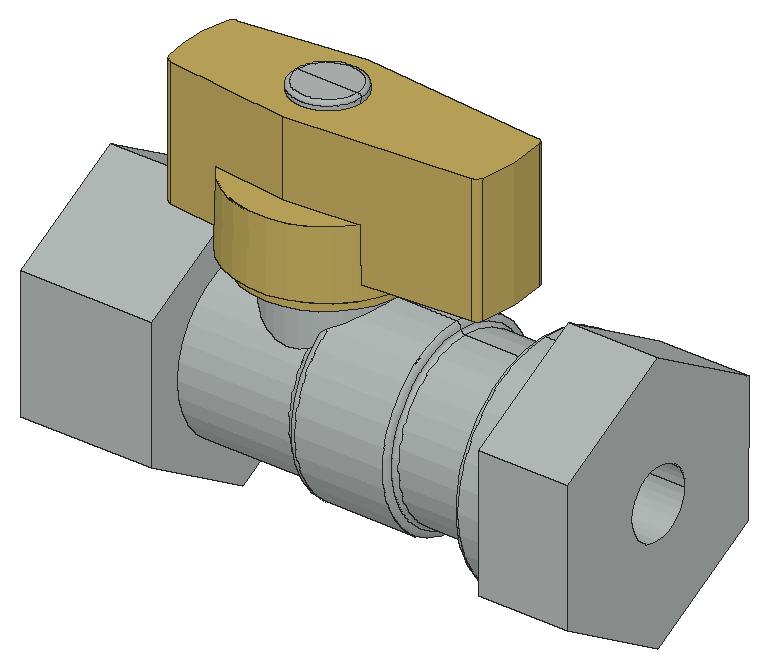
Revit family "QP22700000", category Apparecchi idraulici, Revit 2020
Family settings
  Quota connettore circolare = Usa diametro
  Tipo di parte = Normale
  Numero OmniClass = 23.45.00.00
  Titolo OmniClass = Sanitary, Laundry, and Cleaning Equipment
  Basato su piano di lavoro = No
  Sempre verticale = Sì
  Taglio con vuoti quando caricato = No
  Condiviso = No
  Punto di calcolo locali = No
Parameters
  URL = "https://web.cimberio.com/index.php/figura/149?subcategoria_id=95875"
  Temperatura di esercizio = "-20 ÷ 60°C"
  Prospetto di default = 0 mm
  Produttore = "CIMBERIO SPA"
  Pressione nominale = "MOP 5"
  Modello = "Cim 188"
  Materiale = "Prodotto in lega di ottone conforme alla norma EN 12165-CW617N-DW"
  Descrizione = "Utilizzato nell’impiantistica distributiva di gas a bassa pressione per le categorie:\r\nGas naturali: gas derivati dal petrolio (Metano) e gas di ricambio.\r\nGas di città: prodotti secondo i diversi procedimenti (Cracking - Cokerie - ecc.).\r\nGas liquidi: propano e miscele di gas propano/butano"
  DN Model [instance] = QP22702099 : QP22702099
  DN [instance] = 9 mm
  Commenti sul tipo = "Realizzato in ottemperanza ai requisiti gestionali della norma EN ISO 9001.\r\nCollaudato al 100% secondo la normativa EN 12266-1"
Reference planes
  plane 1 "Centro (Fronte/Retro)": y = 0
  plane 2: z = 0
  plane 3 "Centro (Sinistra/Destra)": x = 0
Dimensions and locks
  aligned and locked: level to plane 2
Nested families
  nested 1: "QP22702099" at (0, 0, 0), type <- "DN Model", type "QP22702099"
  nested 2: "QP22702099" at (0, 0, 0), type <- "DN Model", type "QP22702099"
  nested 3: "QP22702099" at (0, 0, 0), type <- "DN Model", type "QP22702099"
  nested 4: "QP22702099" at (0, 0, 0), type <- "DN Model", type "QP22702099"
  nested 5: "QP22702099" at (0, 0, 0), type <- "DN Model", type "QP22702099"
Connectors
  piping at (44.215, 0, 0), diameter 9, driven by "DN"
    settings: on nested 1, index 1, connector inside diameter 609.6 mm, connector length 0 mm, flow factor 0, pipe flow 0.0 L/s, pressure drop 0.0 Pa, fitting loss kfactor 0, connector angle 0.00°, fixture units 0, engagement length 0 mm, angle of deflection 0.00°, flow configuration 0, flow direction 0, fitting loss method 0, system type 7, joint type 0, gender type 0, connector reference index -1, connector utility 0, adjustable connector no, is connector primary yes, connector description ""
  piping at (-29.052, 0, 0), diameter 9, driven by "DN"
    settings: on nested 1, index 2, connector inside diameter 609.6 mm, connector length 0 mm, flow factor 0, pipe flow 0.0 L/s, pressure drop 0.0 Pa, fitting loss kfactor 0, connector angle 0.00°, fixture units 0, engagement length 0 mm, angle of deflection 0.00°, flow configuration 0, flow direction 0, fitting loss method 0, system type 7, joint type 0, gender type 0, connector reference index -1, connector utility 0, adjustable connector no, is connector primary no, connector description ""
Definition of nested family "QP22702099"
  Parameters (values of type "QP22702099")
    URL = ""
    Default Elevation = 0 mm
    Manufacturer = ""
    Model = ""
    Description = ""
    Type Comments = ""
  Reference planes
    plane 1 "Centro (Fronte/Retro)": y = 0
    plane 2: z = 0
    plane 3 "Centro (Sinistra/Destra)": x = 0
  Forms (mm)
    Revolve 1, solid
      sketch origin (0.744, 0, 1.406) x (1, 0, 0) y (0, 0, 1)
        loop
          line (11.146, 13.716) -> (10.988, 22.789) -> (-0.448, 22.789) -> (-0.448, 11.85) -> (9.552, 11.85) -> (9.552, 12.795) -> (11.146, 13.716)
        axis (-0.754, 11.85) -> (-0.754, 22.789)
      angle from 0 to 360
    Revolve 2, solid
      sketch origin (0.751, 0, 1.446) x (1, 0, 0) y (0, 0, 1)
        loop
          arc (3.746, 33.15) -> (3.6, 33.504) -> (3.246, 33.65) r 0.5
          line (3.246, 33.65) -> (-0.754, 33.65) -> (-0.754, 31.443) -> (3.746, 31.443) -> (3.746, 33.15)
        axis (-0.754, 33.65) -> (-0.754, 31.443)
      angle from 0 to 360
    Extrusion 3, solid
      sketch origin (1.758, 0, 1.45) x (1, 0, 0) y (0, 1, 0)
        loop
          arc (-19.114, 4.772) -> (-19.758, -0.042) -> (-19.091, -4.852) r 18
          arc (-19.091, -4.852) -> (-18.778, -5.343) -> (-18.244, -5.576) r 1
          line (-18.244, -5.576) -> (-1.755, -7.5) -> (21.908, -5.5)
          arc (21.908, -5.5) -> (22.493, -5.247) -> (22.806, -4.691) r 1
          arc (22.806, -4.691) -> (23.25, 0) -> (22.806, 4.691) r 25
          arc (22.806, 4.691) -> (22.489, 5.25) -> (21.897, 5.501) r 1
          line (21.897, 5.501) -> (-2.38, 7.425) -> (-18.27, 5.5)
          arc (-18.27, 5.5) -> (-18.802, 5.265) -> (-19.114, 4.772) r 1
      from 15.62 to 32.65
    Revolve 4, solid
      sketch origin (1.758, 0, 0) x (1, 0, 0) y (0, 0, 1)
        loop
          line (-0.754, 4.83) -> (7.416, 4.83) -> (7.416, 16.081) -> (-0.754, 16.081) -> (-0.754, 4.83)
        axis (-0.754, 16.081) -> (-0.754, 4.83)
      angle from 0 to 360
    Revolve 5, solid
      sketch origin (0, 0, 0) x (1, 0, 0) y (0, 0, 1)
        loop
          line (29.19, -14.733) -> (32.25, -14.733) -> (32.25, -4.5) -> (-11.409, -4.5) -> (-11.409, -10.983) -> (3.557, -10.983)
          arc (3.557, -10.983) -> (4.268, -11.328) -> (4.711, -11.983) r 1.528
          arc (4.711, -11.983) -> (5.077, -12.349) -> (5.577, -12.483) r 1
          line (5.577, -12.483) -> (17.3, -12.483)
          arc (17.3, -12.483) -> (17.636, -12.081) -> (17.8, -11.583) r 1.391
          arc (17.8, -11.583) -> (17.946, -11.229) -> (18.3, -11.083) r 0.5
          line (18.3, -11.083) -> (28.69, -11.083) -> (28.69, -14.233)
          arc (28.69, -14.233) -> (28.836, -14.587) -> (29.19, -14.733) r 0.5
        axis (-11.409, 0) -> (32.25, 0)
      angle from 0 to 360
    Extrusion 6, solid
      sketch origin (0, 0, 0) x (0, 1, 0) y (0, 0, 1)
        loop
          circle (0, 0) r 4.5
        loop
          line (0, 17.4) -> (-15.069, 8.7) -> (-15.069, -8.7) -> (0, -17.4) -> (15.069, -8.7) -> (15.069, 8.7) -> (0, 17.4)
      from 32.25 to 44.215
    Extrusion 7, solid
      sketch origin (-61.302, 0, 0) x (0, 1, 0) y (0, 0, 1)
        loop
          circle (0, 0) r 4.5
        loop
          line (0, 17.4) -> (-15.069, 8.7) -> (-15.069, -8.7) -> (0, -17.4) -> (15.069, -8.7) -> (15.069, 8.7) -> (0, 17.4)
      from 32.25 to 49.893
  Dimensions and locks
    aligned and locked: level to plane 2
